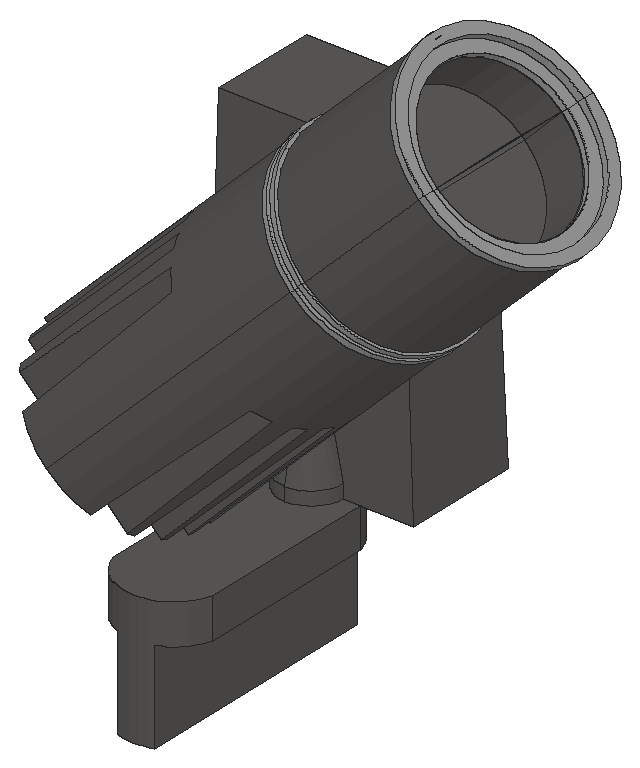
Revit family "2055957", category Lighting Fixtures, host Face, Revit 2016
Family settings
  Host = Face
  Part Type = Normal
  Round Connector Dimension = Use Diameter
  OmniClass Number = 23.80.70.00
  OmniClass Title = Lighting
  Cut with Voids When Loaded = No
  Light Source = No
  Shared = No
  Room Calculation Point = No
Parameters (values of type "2055957 BCON PRJ FRAM O/B L3 3K BLK")
  Weight = "1.365 kg"
  Wattage Comments = ""
  WarrantyStartDate [instance] = "n/a"
  WarrantyGuarantorParts = "n/a"
  WarrantyDurationUnit = "n/a"
  WarrantyDurationParts = "n/a"
  WarrantyDescription = "n/a"
  Voltage = 230 V
  URL = "http://www.sylvania-lighting.com"
  TypeName = "BCON PRJ FRAM O/B L3 3K BLK"
  TypeHead_SYL = Beacon LED Projector Framing Head : 2055957 BCON PRJ FRAM O/B L3 3K BLK
  Type Image = <None>
  Type Comments = "n/a"
  Track_SYL = yes
  Surface_SYL = not(Track_SYL)  # no
  SerialNumber [instance] = "n/a"
  Material_3_SYL = none
  PowerFactor = 0.95
  PowerConsumption = "35 W"
  NominalLength = 0 mm
  NominalHeight = 215 mm
  NominalDepth = 185 mm
  Name = "BCON PRJ FRAM O/B L3 3K BLK"
  ModelReference = Name  # "BCON PRJ FRAM O/B L3 3K BLK"
  ModelNumber = "2055957"
  Model = Name  # "BCON PRJ FRAM O/B L3 3K BLK"
  Material = "aluminium housing"
  ManufacturerName = "Feilo Sylvania"
  Manufacturer = "Feilo Sylvania"
  LuminousEfficacy = "14 lm/W"
  LuminaireType = ""
  LightOutputRatio = "100"
  LampsType = Lamp  # "LED"
  LampNominalLuminous = "474 lm"
  LampMacAdamStep = "3"
  LampColourTemperature = "3000 K"
  LampColourRenderingIndex = "97"
  Lamp = "LED"
  Keynote = "16500"
  InstallationDate [instance] = "n/a"
  InputVoltage = "AC 230 V"
  InputNominalFrequency = "50/60 Hz"
  IngressProtection = "IP20"
  ImpactProtectionIndex = "IK02"
  IfcExportType = "IfcLightFixtureType"
  IfcExportAs = "IfcLightFixtureType"
  HorizontalRotation_SYL [instance] = 0.00°
  EndAngle_SYL [instance] = HorizontalRotation_SYL + 180.00°  # 180.00°
  ElectricShockClassification = "Class II"
  DocumentationLiterature = "http://www.sylvania-lighting.com/product/en-int/products/2055957"
  DimmingControlOptions = "n/a"
  Material_2_SYL = Body-Sylvania-Black
  Description = "Beacon Projector offers precision light exactly where it is needed. The Framing Projector has four adjustable arms allowing the beam to be framed to the desired size shape (square/rectangle or irregular 4 sided shapes).High colour rendering CRI 97 typical. IR/UV free light source without heat radiation. LED technology provides an energy efficient solution with reduced maintenance costs."
  Default Elevation = 1219.2 mm
  CreatedOn = "3/14/2019"
  CreatedBy = "@sylvania-lighting.com"
  Cost = 0
  built-in parameter 1114216 [instance] = (empty or 0)
  ClassificationValue = "EF_70_80"
  ClassificationName = "Uniclass2015"
  Material_1_SYL = Body-Sylvania-Black
  BarCode [instance] = "n/a"
  AssetType = "Fixed"
  AssetIdentifier [instance] = "n/a"
  Assembly Code = "D5020200"
  Apparent Load = 35 VA
  Material_4_SYL = none
Reference planes
  plane 1 "Center (Front/Back)": y = 0
  plane 2: z = 0
  plane 3 "Center (Left/Right)": x = 0
  plane 4: x = 7
  plane 5: x = -7
  plane 6: z = -34.5
  plane 7: z = 15
  plane 8: x = 18.5
  plane 9: x = -18.5
  plane 10: y = 48.5
  plane 11: y = -48.5
  plane 12: y = 34.5
  plane 13: y = -34.5
  plane 14: y = 77
  plane 15: y = -8
  plane 16: x = 42.5
  plane 17: x = -42.5
Forms (mm)
  Extrusion 1, solid, material "Body-Sylvania-Black" <- "Material_1_SYL", visible <- "Track_SYL"
    sketch origin (0, 0, 0) x (1, 0, 0) y (0, 0, 1)
      loop
        line (-18.5, 15) -> (-18.5, 0) -> (-7, 0) -> (-7, -34.5) -> (7, -34.5) -> (7, 0) -> (18.5, 0) -> (18.5, 15) -> (-18.5, 15)
    from -48.5 to 48.5
  Extrusion 2, void
    sketch origin (0, 0, 0) x (1, 0, 0) y (0, 1, 0)
      loop
        arc (-18.5, 34.5) -> (0, 48.5) -> (18.5, 34.5) r 19.223
        line (18.5, 34.5) -> (21.5, 34.5) -> (21.5, 54.5) -> (-23.5, 54.5) -> (-23.5, 34.5) -> (-18.5, 34.5)
      loop
        line (-18.5, -34.5) -> (-23.5, -34.5) -> (-23.5, -54.5) -> (21.5, -54.5) -> (21.5, -34.5) -> (18.5, -34.5)
        arc (18.5, -34.5) -> (0, -48.5) -> (-18.5, -34.5) r 19.223
    from -34.5 to 15
  Revolve 3, solid, not visible
    sketch origin (0, 0, 0) x (0, 1, 0) y (0, 0, 1)
      loop
        line (34.5, 15) -> (48.5, 15) -> (48.5, 39.844) -> (34.5, 39.844) -> (34.5, 15)
      axis (34.5, 15) -> (34.5, 39.844)
    angle from 0 <- "HorizontalRotation_SYL" to 180 <- "EndAngle_SYL"
  Extrusion 4, solid, material "Body-Sylvania-Black" <- "Material_1_SYL", visible <- "Surface_SYL"
    sketch origin (0, 0, 0) x (1, 0, 0) y (0, 1, 0)
      loop
        arc (39.5, -8) -> (41.621, -7.121) -> (42.5, -5) r 3
        line (42.5, -5) -> (42.5, 74)
        arc (42.5, 74) -> (41.621, 76.121) -> (39.5, 77) r 3
        line (39.5, 77) -> (-39.5, 77)
        arc (-39.5, 77) -> (-41.621, 76.121) -> (-42.5, 74) r 3
        line (-42.5, 74) -> (-42.5, -5)
        arc (-42.5, -5) -> (-41.621, -7.121) -> (-39.5, -8) r 3
        line (-39.5, -8) -> (39.5, -8)
    from 0 to 15
Cuts and joins
  Extrusion 2 cuts Extrusion 1
Dimensions and locks
  plane 8 to plane 4 to plane 3 "Center (Left/Right)" to plane 5 to plane 9 = 11.5 mm locked, 7 mm locked, 7 mm locked, 11.5 mm locked
  plane 7 to level to plane 6 = 15 mm locked, 34.5 mm locked
  plane 11 to plane 1 "Center (Front/Back)" to plane 10 = 48.5 mm locked, 48.5 mm locked
  plane 13 to plane 1 "Center (Front/Back)" to plane 12 = 34.5 mm locked, 34.5 mm locked
  plane 15 to plane 12 to plane 14 = 42.5 mm locked, 42.5 mm locked
  plane 16 to plane 3 "Center (Left/Right)" to plane 17 = 42.5 mm locked, 42.5 mm locked
  aligned and locked: plane 2 to host face
  aligned and locked: level to host face
  aligned and locked: plane 7 to Extrusion 1 sketch curve
  aligned and locked: level to Extrusion 1 sketch curve
  aligned and locked: Extrusion 1 sketch curve to plane 8
  aligned and locked: Extrusion 1 sketch curve to plane 6
  aligned and locked: Extrusion 1 sketch curve to plane 4
  aligned and locked: plane 5 to Extrusion 1 sketch curve
  aligned and locked: Extrusion 1 sketch curve to level
  aligned and locked: Extrusion 1 to plane 10
  aligned and locked: plane 11 to Extrusion 1
  aligned and locked: plane 12 to Extrusion 2 sketch curve  (x2)
  aligned and locked: plane 8 to Extrusion 2 sketch curve
  aligned and locked: plane 9 to Extrusion 2 sketch curve
  aligned and locked: plane 13 to Extrusion 2 sketch curve  (x3)
  aligned and locked: Extrusion 2 sketch curve to Extrusion 2 sketch curve  (x2)
  aligned and locked: plane 6 to Extrusion 2
  aligned and locked: Extrusion 2 to plane 7
  aligned and locked: Revolve 3 sketch curve to plane 12
  aligned and locked: Revolve 3 sketch curve to cut or joined group of Extrusion 1, Extrusion 2  (x2)
  aligned and locked: Revolve 3 sketch curve to plane 10
  aligned and locked: Extrusion 4 sketch curve to plane 15
  aligned and locked: Extrusion 4 sketch curve to plane 16
  aligned and locked: plane 14 to Extrusion 4 sketch curve
  aligned and locked: plane 17 to Extrusion 4 sketch curve
  aligned and locked: Extrusion 4 to plane 7
  aligned and locked: Extrusion 4 to level
  aligned and locked: nested 2 to plane 12
Nested families
  nested 1: "Beacon LED Projector Framing Gearbox" at (0, 34.5, 15) x (0, 1, 0) z (1, 0, 0), type "Type Name"
    with VerticalRotation_SYL -45.00°, EndAngle_SYL 135.00°
  nested 2: "Beacon LED Projector Framing Head" at (0, -10.5, 78) x (0, 1, 0) z (0.7071, 0, 0.7071), type <- "TypeHead_SYL", type "2055957 BCON PRJ FRAM O/B L3 3K BLK"
    with built-in parameter 1114216 (empty or 0)
Connectors
  electrical at (0, 34.5, 0), driven by "Voltage", driven by "Apparent Load", driven by "PowerFactor"
    settings: on Extrusion 4, index 1, voltage 230 V, apparent load 35 VA, apparent load phase1 0 VA, apparent load phase2 0 VA, apparent load phase3 0 VA, power factor 0.95, load classification "Other", number of poles 1, system type 30, power factor state 1, is connector primary yes, connector utility no, sub classification motor no, connector description ""
Definition of nested family "Beacon LED Projector Framing Gearbox"
  Parameters (values of type "Type Name")
    VerticalRotation_SYL [instance] = 0.00°
    URL = "http://www.sylvania-lighting.com"
    Type Image = (empty or 0)
    Type Comments = "n/a"
    Material_3_SYL = none
    Model = ""
    Manufacturer = "Feilo Sylvania"
    Keynote = ""
    Material_2_SYL = none
    EndAngle_SYL [instance] = VerticalRotation_SYL + 180.00°  # 180.00°
    Description = ""
    Default Elevation = 1219.2 mm
    Cost = 0
    Material_1_SYL = none
    Assembly Code = ""
    Material_4_SYL = none
  Reference planes
    plane 1 "Center (Front/Back)": y = 0
    plane 2: z = 0
    plane 3 "Center (Left/Right)": x = 0
    plane 4: y = 5
    plane 5: y = 63
    plane 6: y = 47
    plane 7: y = 121
    plane 8: x = -3
    plane 9: x = -12
    plane 10: x = 41
    plane 11: x = 44
    plane 12: z = 38.5
    plane 13: z = -38.5
    plane 14: z = 34.5
    plane 15: z = -34.5
  Forms (mm)
    Extrusion 1, solid
      sketch origin (4.2, 0, 0) x (1, 0, 0) y (0, 1, 0)
        loop
          line (-1219.2, 1219.2) -> (-1219.2, -1219.2) -> (1219.2, -1219.2) -> (1219.2, 1219.2) -> (-1219.2, 1219.2)
      from 0 to -68.017
    Revolve 2, solid, material <- "Material_1_SYL"
      sketch origin (0, 0, 0) x (1, 0, 0) y (0, 1, 0)
        loop
          line (0, 0) -> (0, 47) -> (-3, 47) -> (-12, 5) -> (-12, 0) -> (0, 0)
        axis (0, 47) -> (0, 0)
      angle from 360 to 0
    Blend 3, solid, material <- "Material_1_SYL"
      base sketch origin (0, 0, 0) x (1, 0, 0) y (0, 0, 1)
        loop
          line (0, -38.5) -> (44, -38.5) -> (44, 38.5) -> (0, 38.5) -> (0, -38.5)
      top sketch origin (0, 0, 0) x (1, 0, 0) y (0, 0, 1)
        loop
          line (0, 34.5) -> (0, -34.5) -> (41, -34.5) -> (41, 34.5) -> (0, 34.5)
      from 0 to -121
    Revolve 4, solid, not visible
      sketch origin (0, 0, 0) x (1, 0, 0) y (0, 1, 0)
        loop
          line (0, 63) -> (-12, 63) -> (-12, 47) -> (0, 47) -> (0, 63)
        axis (0, 63) -> (-12, 63)
      angle from 0 <- "VerticalRotation_SYL" to 180 <- "EndAngle_SYL"
  Cuts and joins
    joined: Revolve 2, Blend 3
  Dimensions and locks
    plane 3 "Center (Left/Right)" to plane 10 to plane 11 = 41 mm locked, 3 mm locked
    plane 9 to plane 8 to plane 3 "Center (Left/Right)" = 9 mm locked, 3 mm locked
    plane 1 "Center (Front/Back)" to plane 4 to plane 6 to plane 5 to plane 7 = 5 mm locked, 42 mm locked, 16 mm locked, 58 mm locked
    plane 14 to level to plane 15 = 34.5 mm locked, 34.5 mm locked
    locked: plane 12 to plane 14 at 4
    locked: plane 15 to plane 13 at 4
    aligned and locked: plane 2 to Extrusion 1
    aligned and locked: level to Extrusion 1
    aligned and locked: Revolve 2 sketch curve to plane 3 "Center (Left/Right)"  (x2)
    aligned and locked: Revolve 2 sketch curve to Revolve 2 sketch curve
    aligned and locked: Revolve 2 sketch curve to plane 1 "Center (Front/Back)"
    aligned and locked: plane 4 to Revolve 2 sketch curve
    aligned and locked: plane 9 to Revolve 2 sketch curve
    aligned and locked: plane 6 to Revolve 2 sketch curve  (x2)
    aligned and locked: plane 3 "Center (Left/Right)" to Revolve 2 sketch curve
    aligned and locked: plane 13 to Blend 3 sketch curve
    aligned and locked: Blend 3 sketch curve to plane 3 "Center (Left/Right)"
    aligned and locked: Blend 3 sketch curve to plane 12
    aligned and locked: plane 11 to Blend 3 sketch curve
    aligned and locked: plane 14 to Blend 3 sketch curve
    aligned and locked: Blend 3 sketch curve to plane 15
    aligned and locked: Blend 3 sketch curve to plane 10
    aligned and locked: Blend 3 to plane 7
    aligned and locked: plane 1 "Center (Front/Back)" to Blend 3
    aligned and locked: Revolve 4 sketch curve to plane 5
    aligned and locked: Revolve 4 sketch curve to Revolve 4 sketch curve
    aligned and locked: plane 3 "Center (Left/Right)" to Revolve 4 sketch curve
    aligned and locked: plane 6 to Revolve 4 sketch curve
    aligned and locked: Revolve 4 sketch curve to plane 9
Definition of nested family "Beacon LED Projector Framing Head"
  Parameters (values of type "2055967 BCON PRJ FRAM DALI L3 4K BLK")
    Wattage Comments = "n/a"
    Wattage = 35 W
    built-in parameter 1150110 = 1 (stored number, unit not read)
    URL = "http://www.sylvania-lighting.com"
    Type Image = (empty or 0)
    Type Comments = "n/a"
    built-in parameter 1114217 = 1 (stored number, unit not read)
    Tilt Angle = -90.00°
    built-in parameter 1150109 = 1 (stored number, unit not read)
    built-in parameter 1150134 = 12
    built-in parameter 1150113 = 1 (stored number, unit not read)
    Photometric Web File = "spot_ideal.ies"
    Material_3_SYL = none
    Model = "BCON PRJ FRAM DALI L3 4K BLK"
    Manufacturer = "Feilo Sylvania"
    built-in parameter 1150105 = 49 (stored number, unit not read)
    Lumens = 490 lm
    built-in parameter 1150115 = 1 (stored number, unit not read)
    built-in parameter 1150137 = (empty or 0)
    built-in parameter 1150139 = (empty or 0)
    built-in parameter 1150112 = 1 (stored number, unit not read)
    built-in parameter 1150114 = 1 (stored number, unit not read)
    Lamp = "LED"
    Keynote = "16500"
    Material_2_SYL = none
    built-in parameter 1150132 = (empty or 0)
    built-in parameter 1150102 = (empty or 0)
    built-in parameter 1150107 = 4000 (stored number, unit not read)
    built-in parameter 1150138 = (empty or 0)
    built-in parameter 1150106 = 0.49 (stored number, unit not read)
    Emit from Circle Diameter = 61 mm
    Emit Shape Visible in Rendering = no
    built-in parameter 1150104 = 1.3006 (stored number, unit not read)
    Dimming Lamp Color Temperature Shift = (empty or 0)
    Description = "Beacon Projector offers precision light exactly where it is needed. The Framing Projector has four adjustable arms allowing the beam to be framed to the desired size shape (square/rectangle or irregular 4 sided shapes).High colour rendering CRI 97 typical. IR/UV free light source without heat radiation. LED technology provides an energy efficient solution with reduced maintenance costs."
    Default Elevation = 1219.2 mm
    Cost = 0
    Color Filter = 16777215
    built-in parameter 1114216 [instance] = (empty or 0)
    Material_1_SYL = none
    built-in parameter 1114218 = 1 (stored number, unit not read)
    built-in parameter 1150133 = 10 (stored number, unit not read)
    Assembly Code = "D5020200"
    Apparent Load = 35 VA
    Material_4_SYL = none
  Types (12, lengths in mm): name | built-in parameter 1150134 | Model | built-in parameter 1150107
    2055967 BCON PRJ FRAM DALI L3 4K BLK | 12 | "BCON PRJ FRAM DALI L3 4K BLK" | 4000 (stored number, unit not read)
    2055966 BCON PRJ FRAM DALI L3 4K WH | 12 | "BCON PRJ FRAM DALI L3 4K WH" | 4000 (stored number, unit not read)
    2055965 BCON PRJ FRAM DALI L3 3K BLK | (empty or 0) | "BCON PRJ FRAM DALI L3 3K BLK" | 3000 (stored number, unit not read)
    2055964 BCON PRJ FRAM DALI L3 3K WH | (empty or 0) | "BCON PRJ FRAM DALI L3 3K WH" | 3000 (stored number, unit not read)
    2055963 BCON PRJ FRAM O/B SM 4K BLK | 12 | "BCON PRJ FRAM O/B SM 4K BLK" | 4000 (stored number, unit not read)
    2055962 BCON PRJ FRAM O/B SM 4K WH | 12 | "BCON PRJ FRAM O/B SM 4K WH" | 4000 (stored number, unit not read)
    2055961 BCON PRJ FRAM O/B SM 3K BLK | (empty or 0) | "BCON PRJ FRAM O/B SM 3K BLK" | 3000 (stored number, unit not read)
    2055960 BCON PRJ FRAM O/B SM 3K WH | (empty or 0) | "BCON PRJ FRAM O/B SM 3K WH" | 3000 (stored number, unit not read)
    2055959 BCON PRJ FRAM O/B L3 4K BLK | 12 | "BCON PRJ FRAM O/B L3 4K BLK" | 4000 (stored number, unit not read)
    2055958 BCON PRJ FRAM O/B L3 4K WH | 12 | "BCON PRJ FRAM O/B L3 4K WH" | 4000 (stored number, unit not read)
    2055957 BCON PRJ FRAM O/B L3 3K BLK | (empty or 0) | "BCON PRJ FRAM O/B L3 3K BLK" | 3000 (stored number, unit not read)
    2055956 BCON PRJ FRAM O/B L3 3K WH | (empty or 0) | "BCON PRJ FRAM O/B L3 3K WH" | 3000 (stored number, unit not read)
  Reference planes
    plane 1 "Center (Front/Back)": y = 0
    plane 2: z = 0
    plane 3 "Center (Left/Right)": x = 0
    plane 4: x = 39.5
    plane 5: x = -39.5
    plane 6: z = -45
    plane 7: z = 155
    plane 8: z = 152.4
    plane 9: x = -38.5
    plane 10: z = 91
    plane 11: z = 84.75
    plane 12: z = 35
    plane 13: x = -35.25
    plane 14: z = 151.937
    plane 15: x = -30.5
    plane 16: z = 149.187
    plane 17: z = 88.75
    plane 18: z = 87
    plane 19: x = -37.5
    plane 20: z = 129.187
    plane 21: x = -2.5
    plane 22: x = 2.5
    plane 23: x = -4
    plane 24: x = 4
    plane 25: z = 15
    plane 26: z = -15
    plane 27: x = 45
    plane 28: x = 14.75
  Forms (mm)
    Extrusion 1, solid
      sketch origin (4.2, 0, 0) x (1, 0, 0) y (0, 1, 0)
        loop
          line (-1219.2, 1219.2) -> (-1219.2, -1219.2) -> (1219.2, -1219.2) -> (1219.2, 1219.2) -> (-1219.2, 1219.2)
      from 0 to -68.017
    Revolve 2, solid, material <- "Material_2_SYL"
      sketch origin (0, 0, 0) x (1, 0, 0) y (0, 0, 1)
        loop
          line (-30.5, 149.188) -> (-30.5, 151.938) -> (-35.25, 151.938) -> (-35.25, 155) -> (-39.5, 155) -> (-39.5, 152.4) -> (-37.5, 152.4) -> (-37.5, 149.188) -> (-30.5, 149.188)
        axis (0, 155) -> (0, 149.188)
      angle from 360 to 0
    Revolve 3, solid, material <- "Material_3_SYL"
      sketch origin (0, 0, 0) x (1, 0, 0) y (0, 0, 1)
        loop
          arc (0, 156.729) -> (-15.437, 155.524) -> (-30.5, 151.938) r 99.476
          line (-30.5, 151.938) -> (-30.5, 149.188) -> (0, 149.188) -> (0, 156.729)
        axis (0, 156.729) -> (0, 149.188)
      angle from 360 to 0
    Revolve 4, solid, material <- "Material_1_SYL"
      sketch origin (0, 0, 0) x (1, 0, 0) y (0, 0, 1)
        loop
          line (-38.5, 152.4) -> (-38.5, 91) -> (-35.25, 91) -> (-35.25, 84.75) -> (-38.5, 84.75) -> (-38.5, -45) -> (0, -45) -> (0, 129.187) -> (-30.5, 129.187) -> (-30.5, 149.188) -> (-37.5, 149.188) -> (-37.5, 152.4) -> (-38.5, 152.4)
        axis (0, 152.4) -> (0, -45)
      angle from 360 to 0
    Revolve 5, solid, material <- "Material_2_SYL"
      sketch origin (0, 0, 0) x (1, 0, 0) y (0, 0, 1)
        loop
          line (-39.5, 91) -> (-39.5, 88.75) -> (-37.5, 88.75) -> (-37.5, 87) -> (-39.5, 87) -> (-39.5, 84.75) -> (-35.25, 84.75) -> (-35.25, 91) -> (-39.5, 91)
        axis (0, 91) -> (0, 84.75)
      angle from 360 to 0
    Extrusion 6, void
      sketch origin (20, 0, 0) x (-1, 0, 0) y (0, 0, 1)
        loop
          line (17.5, 35) -> (16, -45) -> (24, -45) -> (22.5, 35) -> (17.5, 35)
      from -40 to 40
    Extrusion 7, void
      sketch origin (20, 0, 0) x (-1, 0, 0) y (0, 0, 1)
        loop
          line (27.5, 35) -> (26, -45) -> (34, -45) -> (32.5, 35) -> (27.5, 35)
      from -40 to 40
    Extrusion 8, void
      sketch origin (-20, 0, 0) x (1, 0, 0) y (0, 0, 1)
        loop
          line (2.5, 35) -> (-2.5, 35) -> (-4, -45) -> (4, -45) -> (2.5, 35)
      from -40 to 40
    Extrusion 9, void
      sketch origin (20, 0, 0) x (-1, 0, 0) y (0, 0, 1)
        loop
          line (47.5, 35) -> (46, -45) -> (54, -45) -> (52.5, 35) -> (47.5, 35)
      from -40 to 40
    Extrusion 10, void
      sketch origin (30, 0, 0) x (-1, 0, 0) y (0, 0, 1)
        loop
          line (2.5, 35) -> (-2.5, 35) -> (-4, -45) -> (4, -45) -> (2.5, 35)
      from -40 to 40
    Extrusion 11, void
      sketch origin (10, 0, 0) x (-1, 0, 0) y (0, 0, 1)
        loop
          line (2.5, 35) -> (-2.5, 35) -> (-4, -45) -> (4, -45) -> (2.5, 35)
      from -40 to 40
    Extrusion 12, void
      sketch origin (20, 0, 0) x (-1, 0, 0) y (0, 0, 1)
        loop
          line (2.5, 35) -> (-2.5, 35) -> (-4, -45) -> (4, -45) -> (2.5, 35)
      from -40 to 40
    Revolve 13, solid, material <- "Material_1_SYL"
      sketch origin (0, 0, 0) x (1, 0, 0) y (0, 0, 1)
        loop
          line (45, 15) -> (14.75, 15) -> (14.75, 0) -> (45, 0) -> (45, 15)
        axis (14.75, 0) -> (45, 0)
      angle from 360 to 0
  Cuts and joins
    Extrusion 6, Extrusion 7, Extrusion 8, Extrusion 9, Extrusion 10, Extrusion 11, Extrusion 12 cuts Revolve 4
    joined: Revolve 4, Revolve 13
  Lines and regions (mm)
    reference lines
      curve 1: line (-2.5, 0, 35) -> (-4, 0, -45)
      curve 2: line (4, 0, -45) -> (2.5, 0, 35)
  Dimensions and locks
    plane 7 to level to plane 6 = 155 mm locked, 45 mm locked
    equal spacing: plane 4, plane 3 "Center (Left/Right)", plane 5
    locked: plane 4 to plane 5 at 79
    locked: plane 7 to plane 10 at 64
    plane 10 to plane 11 = 6.25 mm
    locked: plane 7 to plane 12 at 120
    plane 3 "Center (Left/Right)" to plane 15 to plane 13 to plane 9 to plane 5 = 30.5 mm, 4.75 mm, 3.25 mm, 1 mm
    plane 7 to plane 8 to plane 14 to plane 16 = 2.6 mm locked, 0.463 mm locked, 2.75 mm locked
    locked: plane 3 "Center (Left/Right)" to plane 19 at 37.5
    locked: plane 16 to plane 20 at 20
    plane 10 to plane 17 to plane 18 = 2.25 mm locked, 1.75 mm locked
    plane 22 to plane 3 "Center (Left/Right)" to plane 21 = 2.5 mm locked, 2.5 mm locked
    plane 24 to plane 3 "Center (Left/Right)" to plane 23 = 4 mm locked, 4 mm locked
    equal spacing: group 4, group 3, group 2, group 1
    equal spacing: group 1, group 2, group 3, group 4  (x2)
    plane 25 to level to plane 26 = 15 mm locked, 15 mm locked
    locked: plane 27 to plane 3 "Center (Left/Right)" at 45
    locked: plane 28 to plane 3 "Center (Left/Right)" at 14.75
    aligned and locked: plane 2 to Extrusion 1
    aligned and locked: level to Extrusion 1
    aligned and locked: Revolve 2 sketch curve to plane 3 "Center (Left/Right)"
    aligned and locked: plane 16 to Revolve 2 sketch curve  (x2)
    aligned and locked: plane 15 to Revolve 2 sketch curve
    aligned and locked: plane 13 to Revolve 2 sketch curve
    aligned and locked: Revolve 2 sketch curve to plane 14
    aligned and locked: Revolve 2 sketch curve to plane 7
    aligned and locked: Revolve 2 sketch curve to plane 5
    aligned and locked: plane 8 to Revolve 2 sketch curve
    aligned and locked: Revolve 3 sketch curve to plane 3 "Center (Left/Right)"
    aligned and locked: Revolve 3 sketch curve to Revolve 2
    aligned and locked: Revolve 2 to Revolve 3 sketch curve
    aligned and locked: plane 3 "Center (Left/Right)" to Revolve 3 sketch curve
    aligned and locked: Revolve 4 sketch curve to plane 3 "Center (Left/Right)"
    aligned and locked: plane 10 to Revolve 4 sketch curve
    aligned and locked: Revolve 4 sketch curve to plane 13
    aligned and locked: Revolve 4 sketch curve to plane 11
    aligned and locked: Revolve 4 sketch curve to plane 9  (x2)
    aligned and locked: plane 6 to Revolve 4 sketch curve
    aligned and locked: plane 3 "Center (Left/Right)" to Revolve 4 sketch curve
    aligned and locked: plane 15 to Revolve 4 sketch curve
    aligned and locked: Revolve 4 sketch curve to plane 8
    aligned and locked: Revolve 2 sketch curve to plane 19
    aligned and locked: plane 19 to Revolve 4 sketch curve
    aligned and locked: Revolve 4 sketch curve to plane 20
    aligned and locked: Revolve 5 sketch curve to plane 3 "Center (Left/Right)"
    aligned and locked: plane 10 to Revolve 5 sketch curve
    aligned and locked: Revolve 5 sketch curve to plane 5  (x2)
    aligned and locked: plane 17 to Revolve 5 sketch curve
    aligned and locked: plane 18 to Revolve 5 sketch curve
    aligned and locked: Revolve 5 sketch curve to plane 19
    aligned and locked: plane 11 to Revolve 5 sketch curve
    aligned and locked: Revolve 5 sketch curve to Revolve 4  (x2)
    aligned and locked: plane 21 to curve 1
    aligned and locked: plane 23 to curve 1
    aligned and locked: plane 24 to curve 2
    aligned and locked: plane 22 to curve 2
    aligned and locked: Revolve 13 sketch curve to plane 25
    aligned and locked: plane 27 to Revolve 13 sketch curve
    aligned and locked: Revolve 13 sketch curve to level  (x2)
    aligned and locked: Revolve 13 sketch curve to plane 28
    aligned and locked: plane 3 "Center (Left/Right)" to imposter light
    aligned and locked: imposter light to plane 7
    aligned and locked: imposter light to plane 1 "Center (Front/Back)"
  Automatic sketch dimensions
    Extrusion 1 sketch curve to Extrusion 1 sketch curve = 2438.4 mm  (x2)
    plane 6 to Revolve 2 sketch curve = 564.6 mm
    Revolve 2 sketch curve to plane 7 = 2454.058 mm
    Revolve 3 sketch curve to plane 14 = 0 mm
    Revolve 3 sketch curve to plane 12 = 22.253 mm
    plane 6 to Revolve 3 sketch curve = 564.6 mm
    Revolve 3 sketch curve to Revolve 3 sketch curve = 2452.329 mm
    Revolve 4 sketch curve to plane 16 = 0 mm
    plane 6 to Revolve 4 sketch curve = 564.6 mm
    Revolve 4 sketch curve to plane 7 = 2454.058 mm
    plane 6 to Revolve 5 sketch curve = 564.6 mm
    Revolve 5 sketch curve to plane 7 = 2454.058 mm
    curve 2 to plane 12 = 0 mm
    curve 2 to plane 6 = 0 mm
    curve 1 to plane 6 = 0 mm
    curve 1 to plane 12 = 0 mm
    Extrusion 6 sketch curve to Extrusion 6 sketch curve = 1.5 mm
    Extrusion 6 sketch curve to Extrusion 6 sketch curve = 5 mm
    Extrusion 6 sketch curve to Extrusion 6 sketch curve = 8 mm
    Extrusion 6 sketch curve to Extrusion 6 sketch curve = 80 mm
    Extrusion 7 sketch curve to Extrusion 7 sketch curve = 1.5 mm
    Extrusion 7 sketch curve to Extrusion 7 sketch curve = 5 mm
    Extrusion 7 sketch curve to Extrusion 7 sketch curve = 8 mm
    Extrusion 7 sketch curve to Extrusion 7 sketch curve = 80 mm
    Extrusion 8 sketch curve to Extrusion 8 sketch curve = 1.5 mm
    Extrusion 8 sketch curve to Extrusion 8 sketch curve = 5 mm
    Extrusion 8 sketch curve to Extrusion 8 sketch curve = 8 mm
    Extrusion 8 sketch curve to Extrusion 8 sketch curve = 80 mm
    Extrusion 9 sketch curve to Extrusion 9 sketch curve = 1.5 mm
    Extrusion 9 sketch curve to Extrusion 9 sketch curve = 5 mm
    Extrusion 9 sketch curve to Extrusion 9 sketch curve = 8 mm
    Extrusion 9 sketch curve to Extrusion 9 sketch curve = 80 mm
    Extrusion 10 sketch curve to Extrusion 10 sketch curve = 1.5 mm
    Extrusion 10 sketch curve to Extrusion 10 sketch curve = 5 mm
    Extrusion 10 sketch curve to Extrusion 10 sketch curve = 8 mm
    Extrusion 10 sketch curve to Extrusion 10 sketch curve = 80 mm
    Extrusion 11 sketch curve to Extrusion 11 sketch curve = 1.5 mm
    Extrusion 11 sketch curve to Extrusion 11 sketch curve = 5 mm
    Extrusion 11 sketch curve to Extrusion 11 sketch curve = 8 mm
    Extrusion 11 sketch curve to Extrusion 11 sketch curve = 80 mm
    Extrusion 12 sketch curve to Extrusion 12 sketch curve = 1.5 mm
    Extrusion 12 sketch curve to Extrusion 12 sketch curve = 5 mm
    Extrusion 12 sketch curve to Extrusion 12 sketch curve = 8 mm
    Extrusion 12 sketch curve to Extrusion 12 sketch curve = 80 mm
    Revolve 13 sketch curve to plane 5 = 1495.135 mm
    plane 27 to Revolve 13 sketch curve = 1614.773 mm
